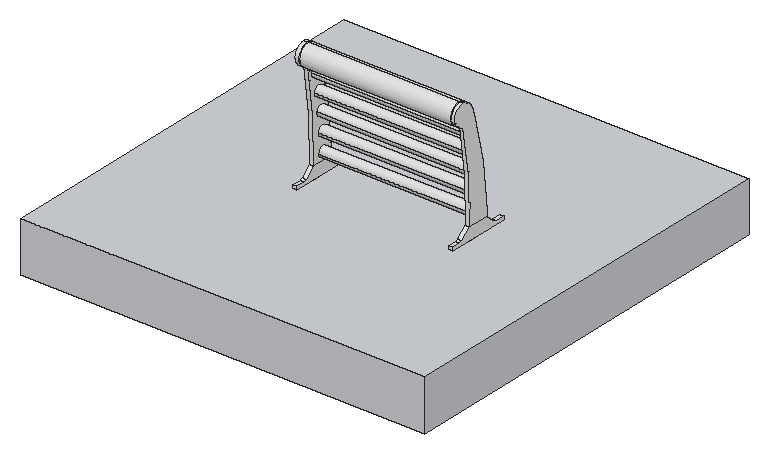
Revit family "Sunshade-Linear-Kawneer-Curtain_Wall-Curved", category Specialty Equipment, host Face, Revit 2015
Parameters
  Width [instance] = 3' - 0"
  URL = "http://www.kawneer.com/kawneer/north_america/en/home.asp"
  Type Comments = ""
  Show Right Outrigger [instance] = yes
  Show Left Outrigger [instance] = yes
  Product data url = "https://bimobject.com/kawneerna/product/04305"
  Product Page URL = "http://www.kawneer.com/kawneer/north_america/en/product.asp?cat_id=1463&prod_id=4305"
  Product Documentation Link = "http://www.kawneer.com/kawneer/north_america/catalog/pdf/Sun_Control/Versoleil_OutriggerCW_Flyer.pdf"
  Model = "Sunshade Linear"  # constant formula
  Manufacturer = "Kawneer "  # constant formula
  Length = 2' - 6"
  Has Same Mullion Distance [instance] = yes
  Has 6th Blade = if(Length = 3' 0", 1 = 1, 1 = 0)  # no
  Finish = Aluminum - Kawneer - Clear
  Distance Blade 5 and 6 = 0' - 0 7/8"  # constant formula
  Distance Blade 4 and 5 = if(Length = 3' 0", 0' 0 5/8", 0' 0 15/16")  # 0' - 0 15/16"
  Distance Blade 3 and 4 = if(Length = 3' 0", 0' 0 5/8", 0' 0 11/16")  # 0' - 0 11/16"
  Distance Blade 2 and 3 = if(Length = 3' 0", 0' 0 1/8", 0' 0 7/16")  # 0' - 0 7/16"
  Distance Blade 1 and 2 = if(Length = 3' 0", 0' 0", 0' 0 1/8")  # 0' - 0 1/8"
  Description = "Square Outrigger, Rectangle Fascias"
  Default Elevation = 4' - 0"
  Copyright © = "©2012 Kawneer  "  # constant formula
  Mullion Distance [instance] = 4' - 0"
  CTRl Outrigger Count [instance] = if(Outrigger 21 Distance > 0' 0", 23, if(Outrigger 20 Distance > 0' 0", 22, if(Outrigger 19 Distance > 0' 0", 21, if(Outrigger 18 Distance > 0' 0", 20, if(Outrigger 17 Distance > 0' 0", 19, if(Outrigger 16 Distance > 0' 0", 18, if(Outrigger 15 Distance > 0' 0", 17, if(Outrigger 14 Distance > 0' 0", 16, if(Outrigger 13 Distance > 0' 0", 15, if(Outrigger 12 Distance > 0' 0", 14, if(Outrigger 11 Distance > 0' 0", 13, if(Outrigger 10 Distance > 0' 0", 12, if(Outrigger 09 Distance > 0' 0", 11, if(Outrigger 08 Distance > 0' 0", 10, if(Outrigger 07 Distance > 0' 0", 9, if(Outrigger 06 Distance > 0' 0", 8, if(Outrigger 05 Distance > 0' 0", 7, if(Outrigger 04 Distance > 0' 0", 6, if(Outrigger 03 Distance > 0' 0", 5, if(Outrigger 02 Distance > 0' 0", 4, if(Outrigger 01 Distance > 0' 0", 3, (Width / Mullion Distance) + 1)))))))))))))))))))))  # 3
  CTRL Outrigger 21 Distance [instance] = if(Outrigger Count < 23, 0' 0", if(Has Same Mullion Distance, Mullion Distance, if(Outrigger 21 Distance > 5' 0", 5' 0", Outrigger 21 Distance)))  # 0' - 0"
  CTRL Outrigger 20 Distance [instance] = if(Outrigger Count < 22, 0' 0", if(Has Same Mullion Distance, Mullion Distance, if(Outrigger 20 Distance > 5' 0", 5' 0", Outrigger 20 Distance)))  # 0' - 0"
  CTRL Outrigger 19 Distance [instance] = if(Outrigger Count < 21, 0' 0", if(Has Same Mullion Distance, Mullion Distance, if(Outrigger 19 Distance > 5' 0", 5' 0", Outrigger 19 Distance)))  # 0' - 0"
  CTRL Outrigger 18 Distance [instance] = if(Outrigger Count < 20, 0' 0", if(Has Same Mullion Distance, Mullion Distance, if(Outrigger 18 Distance > 5' 0", 5' 0", Outrigger 18 Distance)))  # 0' - 0"
  CTRL Outrigger 17 Distance [instance] = if(Outrigger Count < 19, 0' 0", if(Has Same Mullion Distance, Mullion Distance, if(Outrigger 17 Distance > 5' 0", 5' 0", Outrigger 17 Distance)))  # 0' - 0"
  CTRL Outrigger 16 Distance [instance] = if(Outrigger Count < 18, 0' 0", if(Has Same Mullion Distance, Mullion Distance, if(Outrigger 16 Distance > 5' 0", 5' 0", Outrigger 16 Distance)))  # 0' - 0"
  CTRL Outrigger 15 Distance [instance] = if(Outrigger Count < 17, 0' 0", if(Has Same Mullion Distance, Mullion Distance, if(Outrigger 15 Distance > 5' 0", 5' 0", Outrigger 15 Distance)))  # 0' - 0"
  CTRL Outrigger 14 Distance [instance] = if(Outrigger Count < 16, 0' 0", if(Has Same Mullion Distance, Mullion Distance, if(Outrigger 14 Distance > 5' 0", 5' 0", Outrigger 14 Distance)))  # 0' - 0"
  CTRL Outrigger 13 Distance [instance] = if(Outrigger Count < 15, 0' 0", if(Has Same Mullion Distance, Mullion Distance, if(Outrigger 13 Distance > 5' 0", 5' 0", Outrigger 13 Distance)))  # 0' - 0"
  CTRL Outrigger 12 Distance [instance] = if(Outrigger Count < 14, 0' 0", if(Has Same Mullion Distance, Mullion Distance, if(Outrigger 12 Distance > 5' 0", 5' 0", Outrigger 12 Distance)))  # 0' - 0"
  CTRL Outrigger 11 Distance [instance] = if(Outrigger Count < 13, 0' 0", if(Has Same Mullion Distance, Mullion Distance, if(Outrigger 11 Distance > 5' 0", 5' 0", Outrigger 11 Distance)))  # 0' - 0"
  CTRL Outrigger 10 Distance [instance] = if(Outrigger Count < 12, 0' 0", if(Has Same Mullion Distance, Mullion Distance, if(Outrigger 10 Distance > 5' 0", 5' 0", Outrigger 10 Distance)))  # 0' - 0"
  CTRL Outrigger 09 Distance [instance] = if(Outrigger Count < 11, 0' 0", if(Has Same Mullion Distance, Mullion Distance, if(Outrigger 09 Distance > 5' 0", 5' 0", Outrigger 09 Distance)))  # 0' - 0"
  CTRL Outrigger 08 Distance [instance] = if(Outrigger Count < 10, 0' 0", if(Has Same Mullion Distance, Mullion Distance, if(Outrigger 08 Distance > 5' 0", 5' 0", Outrigger 08 Distance)))  # 0' - 0"
  CTRL Outrigger 07 Distance [instance] = if(Outrigger Count < 9, 0' 0", if(Has Same Mullion Distance, Mullion Distance, if(Outrigger 07 Distance > 5' 0", 5' 0", Outrigger 07 Distance)))  # 0' - 0"
  CTRL Outrigger 06 Distance [instance] = if(Outrigger Count < 8, 0' 0", if(Has Same Mullion Distance, Mullion Distance, if(Outrigger 06 Distance > 5' 0", 5' 0", Outrigger 06 Distance)))  # 0' - 0"
  CTRL Outrigger 05 Distance [instance] = if(Outrigger Count < 7, 0' 0", if(Has Same Mullion Distance, Mullion Distance, if(Outrigger 05 Distance > 5' 0", 5' 0", Outrigger 05 Distance)))  # 0' - 0"
  CTRL Outrigger 04 Distance [instance] = if(Outrigger Count < 6, 0' 0", if(Has Same Mullion Distance, Mullion Distance, if(Outrigger 04 Distance > 5' 0", 5' 0", Outrigger 04 Distance)))  # 0' - 0"
  CTRL Outrigger 03 Distance [instance] = if(Outrigger Count < 5, 0' 0", if(Has Same Mullion Distance, Mullion Distance, if(Outrigger 03 Distance > 5' 0", 5' 0", Outrigger 03 Distance)))  # 0' - 0"
  CTRL Outrigger 02 Distance [instance] = if(Outrigger Count < 4, 0' 0", if(Has Same Mullion Distance, Mullion Distance, if(Outrigger 02 Distance > 5' 0", 5' 0", Outrigger 02 Distance)))  # 0' - 0"
  CTRL Outrigger 01 Distance [instance] = if(Outrigger Count < 3, 0' 0", if(Has Same Mullion Distance, Mullion Distance, if(Outrigger 01 Distance > 5' 0", 5' 0", Outrigger 01 Distance)))  # 0' - 0"
  CTRL Length = if(Length < 2' 6", 2' 6", if(Length = 2' 6", 2' 6", if(Length < 3' 0", 3' 0", if(Length = 3' 0", 3' 0", 2' 6"))))  # 2' - 6"
  Bottom Inset Distance = if(Length = 3' 0", 0' 5 3/4", 0' 5")  # 0' - 5"
  Blades Distance = 0' - 4 1/2"
  CTRL Middle Blade Visibility [instance] = if(Outrigger Count = 2, 1 = 0, 1 = 1)  # no
  Outrigger Count [instance] = if(Has Same Mullion Distance, (Width / Mullion Distance) + 1, CTRl Outrigger Count)  # 2
  Outrigger 21 Distance [instance] = 0' - 0"
  Outrigger 20 Distance [instance] = 0' - 0"
  Outrigger 19 Distance [instance] = 0' - 0"
  Outrigger 18 Distance [instance] = 0' - 0"
  Outrigger 17 Distance [instance] = 0' - 0"
  Outrigger 16 Distance [instance] = 0' - 0"
  Outrigger 15 Distance [instance] = 0' - 0"
  Outrigger 14 Distance [instance] = 0' - 0"
  Outrigger 13 Distance [instance] = 0' - 0"
  Outrigger 12 Distance [instance] = 0' - 0"
  Outrigger 11 Distance [instance] = 0' - 0"
  Outrigger 10 Distance [instance] = 0' - 0"
  Outrigger 09 Distance [instance] = 0' - 0"
  Outrigger 08 Distance [instance] = 0' - 0"
  Outrigger 07 Distance [instance] = 0' - 0"
  Outrigger 06 Distance [instance] = 0' - 0"
  Outrigger 05 Distance [instance] = 0' - 0"
  Outrigger 04 Distance [instance] = 0' - 0"
  Outrigger 03 Distance [instance] = 0' - 0"
  Outrigger 02 Distance [instance] = 0' - 0"
  Outrigger 01 Distance [instance] = 1' - 6"
  Blade Width [instance] = if(1 = 1, Width, 1' 0")  # 3' - 0"
  Blade Type = Blade-Kawneer-Circular : Versoleil
  Blade Count = 5
Reference planes (in)
  plane 1 "Center (Front/Back)": y = 0
  plane 2: z = -0.78125
  plane 3 "Center (Left/Right)": x = 3.30772
  plane 4 "Bracket Bottom": z = -0.78125
  plane 5 "Arm_Center-(T/B)": z = 1.29456
  plane 6 "Left": x = -14.69228
  plane 7 "Right": x = 21.30772
  plane 8 "Bracket_Center-(L/R)-Left": x = -15.16103
  plane 9 "Bracket_Center-(L/R)-Right": x = 21.77647
  plane 10 "Bracket Set 1": x = -15.16103
  plane 11 "Bracket Set 20": x = -15.16103
  plane 12 "Bracket Set 2": x = -15.16103
  plane 13 "Bracket Set 3": x = -15.16103
  plane 14 "Bracket Set 4": x = -15.16103
  plane 15 "Bracket Set 5": x = -15.16103
  plane 16 "Bracket Set 6": x = -15.16103
  plane 17 "Bracket Set 7": x = -15.16103
  plane 18 "Bracket Set 8": x = -15.16103
  plane 19 "Bracket Set 9": x = -15.16103
  plane 20 "Bracket Set 10": x = -15.16103
  plane 21 "Bracket Set 11": x = -15.16103
  plane 22 "Bracket Set 12": x = -15.16103
  plane 23 "Bracket Set 13": x = -15.16103
  plane 24 "Bracket Set 14": x = -15.16103
  plane 25 "Bracket Set 15": x = -15.16103
  plane 26 "Bracket Set 16": x = -15.16103
  plane 27 "Bracket Set 17": x = -15.16103
  plane 28 "Bracket Set 18": x = -15.16103
  plane 29 "Bracket Set 19": x = -15.16103
  plane 30 "Bracket Set 21": x = -15.16103
  plane 31 "Left of Right Outrigger": x = 21.30772
  plane 32 "Right of Right Outrigger": x = 22.24522
  plane 33 "Left of Left Outrigger": x = -15.62978
  plane 34 "Right of Left Outrigger": x = -14.69228
  plane 35 "Blade 1": z = 4.21875
  plane 36 "Top": z = 29.21875
  plane 37 "Back of Fascia": z = 26.72172
  plane 38 "Center of Fascias": y = -4.375
  plane 39 "Center Left / Right Blade 2": y = -0.125
  plane 40 "Center Left / Right Blade 3": y = -0.5625
  plane 41 "Center Left / Right Blade 4": y = -1.25
  plane 42 "Center Left / Right Blade 5": y = -2.1875
  plane 43 "Center Left / Right Blade 6": y = -3.0625
  plane 44 "Center Front/Back Blade 2": z = 8.71875
  plane 45 "Center Front/Back Blade 3": z = 13.21875
  plane 46 "Center Front/Back Blade 4": z = 17.71875
  plane 47 "Center Front/Back Blade 5": z = 22.21875
  plane 48 "Center Front/Back Blade 6": z = 26.71875
Forms (in)
  Extrusion 1, solid
    sketch origin (0, 0, -0.78125) x (1, 0, 0) y (0, 1, 0)
      loop
        line (-48, 48) -> (-48, -48) -> (48, -48) -> (48, 48) -> (-48, 48)
    from 0 to -12
Dimensions and locks (in)
  locked: plane 5 "Arm_Center-(T/B)" to plane 4 "Bracket Bottom" at 2.07581
  locked: plane 4 "Bracket Bottom" to plane 2 at 0
  "CTRL Outrigger 01 Distance": plane 8 "Bracket_Center-(L/R)-Left" to plane 10 "Bracket Set 1"
  "CTRL Outrigger 02 Distance": plane 10 "Bracket Set 1" to plane 12 "Bracket Set 2"
  "CTRL Outrigger 03 Distance": plane 12 "Bracket Set 2" to plane 13 "Bracket Set 3"
  "CTRL Outrigger 04 Distance": plane 13 "Bracket Set 3" to plane 14 "Bracket Set 4"
  "CTRL Outrigger 05 Distance": plane 14 "Bracket Set 4" to plane 15 "Bracket Set 5"
  "CTRL Outrigger 06 Distance": plane 15 "Bracket Set 5" to plane 16 "Bracket Set 6"
  "CTRL Outrigger 07 Distance": plane 16 "Bracket Set 6" to plane 17 "Bracket Set 7"
  "CTRL Outrigger 08 Distance": plane 17 "Bracket Set 7" to plane 18 "Bracket Set 8"
  "CTRL Outrigger 09 Distance": plane 18 "Bracket Set 8" to plane 19 "Bracket Set 9"
  "CTRL Outrigger 10 Distance": plane 19 "Bracket Set 9" to plane 20 "Bracket Set 10"
  "CTRL Outrigger 11 Distance": plane 20 "Bracket Set 10" to plane 21 "Bracket Set 11"
  "CTRL Outrigger 12 Distance": plane 21 "Bracket Set 11" to plane 22 "Bracket Set 12"
  "CTRL Outrigger 13 Distance": plane 22 "Bracket Set 12" to plane 23 "Bracket Set 13"
  "CTRL Outrigger 14 Distance": plane 23 "Bracket Set 13" to plane 24 "Bracket Set 14"
  "CTRL Outrigger 15 Distance": plane 24 "Bracket Set 14" to plane 25 "Bracket Set 15"
  "CTRL Outrigger 16 Distance": plane 25 "Bracket Set 15" to plane 26 "Bracket Set 16"
  "CTRL Outrigger 17 Distance": plane 26 "Bracket Set 16" to plane 27 "Bracket Set 17"
  "CTRL Outrigger 18 Distance": plane 27 "Bracket Set 17" to plane 28 "Bracket Set 18"
  "CTRL Outrigger 19 Distance": plane 28 "Bracket Set 18" to plane 29 "Bracket Set 19"
  "CTRL Outrigger 20 Distance": plane 29 "Bracket Set 19" to plane 11 "Bracket Set 20"
  "CTRL Outrigger 21 Distance": plane 11 "Bracket Set 20" to plane 30 "Bracket Set 21"
  locked: plane 32 "Right of Right Outrigger" to plane 31 "Left of Right Outrigger" at 0.9375
  locked: plane 33 "Left of Left Outrigger" to plane 34 "Right of Left Outrigger" at 0.9375
  equal spacing: plane 6 "Left", plane 3 "Center (Left/Right)", plane 7 "Right"
  "Width": plane 6 "Left" to plane 7 "Right"
  locked: plane 7 "Right" to plane 9 "Bracket_Center-(L/R)-Right" at 0.46875
  locked: plane 8 "Bracket_Center-(L/R)-Left" to plane 6 "Left" at 0.46875
  "Bottom Inset Distance": plane 35 "Blade 1" to plane 4 "Bracket Bottom"
  "Length": plane 36 "Top" to plane 4 "Bracket Bottom"
  locked: plane 36 "Top" to plane 37 "Back of Fascia" at 2.49703
  "Blades Distance": plane 44 "Center Front/Back Blade 2" to plane 35 "Blade 1"
  "Blades Distance": plane 45 "Center Front/Back Blade 3" to plane 44 "Center Front/Back Blade 2"
  "Blades Distance": plane 46 "Center Front/Back Blade 4" to plane 45 "Center Front/Back Blade 3"
  "Blades Distance": plane 47 "Center Front/Back Blade 5" to plane 46 "Center Front/Back Blade 4"
  "Blades Distance": plane 48 "Center Front/Back Blade 6" to plane 47 "Center Front/Back Blade 5"
  "Distance Blade 1 and 2": plane 39 "Center Left / Right Blade 2" to plane 1 "Center (Front/Back)"
  "Distance Blade 2 and 3": plane 40 "Center Left / Right Blade 3" to plane 39 "Center Left / Right Blade 2"
  "Distance Blade 3 and 4": plane 41 "Center Left / Right Blade 4" to plane 40 "Center Left / Right Blade 3"
  "Distance Blade 4 and 5": plane 42 "Center Left / Right Blade 5" to plane 41 "Center Left / Right Blade 4"
  "Distance Blade 5 and 6": plane 43 "Center Left / Right Blade 6" to plane 42 "Center Left / Right Blade 5"
  aligned and locked: plane 2 to Extrusion 1
  aligned and locked: level to Extrusion 1
  aligned and locked: plane 4 "Bracket Bottom" to nested 1
  aligned and locked: plane 1 "Center (Front/Back)" to nested 1
  aligned and locked: nested 1 to plane 8 "Bracket_Center-(L/R)-Left"
  aligned and locked: plane 9 "Bracket_Center-(L/R)-Right" to nested 2
  aligned and locked: plane 1 "Center (Front/Back)" to nested 2
  aligned and locked: plane 4 "Bracket Bottom" to nested 2
  aligned and locked: nested 3 to plane 10 "Bracket Set 1"
  aligned and locked: nested 4 to plane 12 "Bracket Set 2"
  aligned and locked: nested 5 to plane 13 "Bracket Set 3"
  aligned and locked: nested 6 to plane 14 "Bracket Set 4"
  aligned and locked: nested 7 to plane 15 "Bracket Set 5"
  aligned and locked: nested 8 to plane 16 "Bracket Set 6"
  aligned and locked: nested 9 to plane 17 "Bracket Set 7"
  aligned and locked: nested 10 to plane 18 "Bracket Set 8"
  aligned and locked: nested 11 to plane 19 "Bracket Set 9"
  aligned and locked: nested 12 to plane 20 "Bracket Set 10"
  aligned and locked: nested 13 to plane 21 "Bracket Set 11"
  aligned and locked: nested 14 to plane 22 "Bracket Set 12"
  aligned and locked: nested 15 to plane 23 "Bracket Set 13"
  aligned and locked: nested 16 to plane 24 "Bracket Set 14"
  aligned and locked: nested 17 to plane 25 "Bracket Set 15"
  aligned and locked: nested 18 to plane 26 "Bracket Set 16"
  aligned and locked: nested 19 to plane 27 "Bracket Set 17"
  aligned and locked: nested 20 to plane 28 "Bracket Set 18"
  aligned and locked: nested 21 to plane 29 "Bracket Set 19"
  aligned and locked: nested 22 to plane 11 "Bracket Set 20"
  aligned and locked: plane 4 "Bracket Bottom" to nested 3
  aligned and locked: plane 4 "Bracket Bottom" to nested 4
  aligned and locked: plane 4 "Bracket Bottom" to nested 5
  aligned and locked: plane 4 "Bracket Bottom" to nested 6
  aligned and locked: plane 4 "Bracket Bottom" to nested 7
  aligned and locked: plane 4 "Bracket Bottom" to nested 8
  aligned and locked: plane 4 "Bracket Bottom" to nested 9
  aligned and locked: plane 4 "Bracket Bottom" to nested 10
  aligned and locked: plane 4 "Bracket Bottom" to nested 11
  aligned and locked: plane 4 "Bracket Bottom" to nested 12
  aligned and locked: plane 4 "Bracket Bottom" to nested 13
  aligned and locked: plane 4 "Bracket Bottom" to nested 14
  aligned and locked: plane 4 "Bracket Bottom" to nested 15
  aligned and locked: plane 4 "Bracket Bottom" to nested 16
  aligned and locked: plane 4 "Bracket Bottom" to nested 17
  aligned and locked: plane 4 "Bracket Bottom" to nested 18
  aligned and locked: plane 4 "Bracket Bottom" to nested 19
  aligned and locked: plane 4 "Bracket Bottom" to nested 20
  aligned and locked: plane 4 "Bracket Bottom" to nested 21
  aligned and locked: plane 4 "Bracket Bottom" to nested 22
  aligned and locked: nested 23 to plane 30 "Bracket Set 21"
  aligned and locked: plane 1 "Center (Front/Back)" to nested 23
  aligned and locked: plane 1 "Center (Front/Back)" to nested 22
  aligned and locked: plane 1 "Center (Front/Back)" to nested 21
  aligned and locked: plane 1 "Center (Front/Back)" to nested 20
  aligned and locked: plane 1 "Center (Front/Back)" to nested 19
  aligned and locked: plane 1 "Center (Front/Back)" to nested 18
  aligned and locked: plane 1 "Center (Front/Back)" to nested 17
  aligned and locked: plane 1 "Center (Front/Back)" to nested 16
  aligned and locked: plane 1 "Center (Front/Back)" to nested 15
  aligned and locked: plane 1 "Center (Front/Back)" to nested 14
  aligned and locked: plane 7 "Right" to plane 31 "Left of Right Outrigger"
  aligned and locked: plane 34 "Right of Left Outrigger" to nested 1
  aligned and locked: plane 6 "Left" to plane 34 "Right of Left Outrigger"
  aligned and locked: plane 35 "Blade 1" to nested 24
  aligned and locked: plane 1 "Center (Front/Back)" to nested 24
  aligned and locked: plane 1 "Center (Front/Back)" to nested 13
  aligned and locked: plane 6 "Left" to nested 25
  aligned: plane 1 "Center (Front/Back)" to nested 25
  aligned and locked: plane 36 "Top" to nested 2
  aligned: plane 37 "Back of Fascia" to nested 25
  aligned and locked: plane 34 "Right of Left Outrigger" to nested 24  (x2)
  aligned and locked: plane 38 "Center of Fascias" to nested 25
  aligned and locked: plane 31 "Left of Right Outrigger" to nested 24
  aligned and locked: plane 34 "Right of Left Outrigger" to nested 25
  aligned and locked: plane 31 "Left of Right Outrigger" to nested 25
  aligned and locked: plane 39 "Center Left / Right Blade 2" to nested 26
  aligned and locked: plane 44 "Center Front/Back Blade 2" to nested 26
  aligned and locked: plane 45 "Center Front/Back Blade 3" to nested 27
  aligned and locked: plane 40 "Center Left / Right Blade 3" to nested 27
  aligned and locked: plane 46 "Center Front/Back Blade 4" to nested 28
  aligned and locked: plane 41 "Center Left / Right Blade 4" to nested 28
  aligned and locked: plane 47 "Center Front/Back Blade 5" to nested 29
  aligned and locked: plane 42 "Center Left / Right Blade 5" to nested 29
  aligned and locked: plane 48 "Center Front/Back Blade 6" to nested 30
  aligned and locked: plane 43 "Center Left / Right Blade 6" to nested 30
  aligned and locked: plane 36 "Top" to nested 25
Automatic sketch dimensions
  Extrusion 1 sketch curve to Extrusion 1 sketch curve = 8' - 0"  (x2)
Nested families (in)
  nested 1: "Outrigger-Kawneer-Curved" at (-15.16103, 0, -0.78125), visible <- "Show Left Outrigger", type "5""
    with Length 2' - 6"
  nested 2: "Outrigger-Kawneer-Curved" at (21.77647, 0, -0.78125), visible <- "Show Right Outrigger", type "5""
    with Length 2' - 6"
  nested 3: "Outrigger-Kawneer-Curved" at (-15.16103, 0, -0.78125), visible <- "CTRL Middle Blade Visibility", type "5""
    with Length 2' - 6"
  nested 4: "Outrigger-Kawneer-Curved" at (-15.16103, 0, -0.78125), visible <- "CTRL Middle Blade Visibility", type "5""
    with Length 2' - 6"
  nested 5: "Outrigger-Kawneer-Curved" at (-15.16103, 0, -0.78125), visible <- "CTRL Middle Blade Visibility", type "5""
    with Length 2' - 6"
  nested 6: "Outrigger-Kawneer-Curved" at (-15.16103, 0, -0.78125), visible <- "CTRL Middle Blade Visibility", type "5""
    with Length 2' - 6"
  nested 7: "Outrigger-Kawneer-Curved" at (-15.16103, 0, -0.78125), visible <- "CTRL Middle Blade Visibility", type "5""
    with Length 2' - 6"
  nested 8: "Outrigger-Kawneer-Curved" at (-15.16103, 0, -0.78125), visible <- "CTRL Middle Blade Visibility", type "5""
    with Length 2' - 6"
  nested 9: "Outrigger-Kawneer-Curved" at (-15.16103, 0, -0.78125), visible <- "CTRL Middle Blade Visibility", type "5""
    with Length 2' - 6"
  nested 10: "Outrigger-Kawneer-Curved" at (-15.16103, 0, -0.78125), visible <- "CTRL Middle Blade Visibility", type "5""
    with Length 2' - 6"
  nested 11: "Outrigger-Kawneer-Curved" at (-15.16103, 0, -0.78125), visible <- "CTRL Middle Blade Visibility", type "5""
    with Length 2' - 6"
  nested 12: "Outrigger-Kawneer-Curved" at (-15.16103, 0, -0.78125), visible <- "CTRL Middle Blade Visibility", type "5""
    with Length 2' - 6"
  nested 13: "Outrigger-Kawneer-Curved" at (-15.16103, 0, -0.78125), visible <- "CTRL Middle Blade Visibility", type "5""
    with Length 2' - 6"
  nested 14: "Outrigger-Kawneer-Curved" at (-15.16103, 0, -0.78125), visible <- "CTRL Middle Blade Visibility", type "5""
    with Length 2' - 6"
  nested 15: "Outrigger-Kawneer-Curved" at (-15.16103, 0, -0.78125), visible <- "CTRL Middle Blade Visibility", type "5""
    with Length 2' - 6"
  nested 16: "Outrigger-Kawneer-Curved" at (-15.16103, 0, -0.78125), visible <- "CTRL Middle Blade Visibility", type "5""
    with Length 2' - 6"
  nested 17: "Outrigger-Kawneer-Curved" at (-15.16103, 0, -0.78125), visible <- "CTRL Middle Blade Visibility", type "5""
    with Length 2' - 6"
  nested 18: "Outrigger-Kawneer-Curved" at (-15.16103, 0, -0.78125), visible <- "CTRL Middle Blade Visibility", type "5""
    with Length 2' - 6"
  nested 19: "Outrigger-Kawneer-Curved" at (-15.16103, 0, -0.78125), visible <- "CTRL Middle Blade Visibility", type "5""
    with Length 2' - 6"
  nested 20: "Outrigger-Kawneer-Curved" at (-15.16103, 0, -0.78125), visible <- "CTRL Middle Blade Visibility", type "5""
    with Length 2' - 6"
  nested 21: "Outrigger-Kawneer-Curved" at (-15.16103, 0, -0.78125), visible <- "CTRL Middle Blade Visibility", type "5""
    with Length 2' - 6"
  nested 22: "Outrigger-Kawneer-Curved" at (-15.16103, 0, -0.78125), visible <- "CTRL Middle Blade Visibility", type "5""
    with Length 2' - 6"
  nested 23: "Outrigger-Kawneer-Curved" at (-15.16103, 0, -0.78125), visible <- "CTRL Middle Blade Visibility", type "5""
    with Length 2' - 6"
  nested 24: "Blade-Kawneer-Circular" at (3.30772, 0, 2.94531), Blade Materials <- "Finish", CTRL Width <- "Width", type <- "Blade Type", type "Versoleil"
    with CTRL Width 3' - 0", Blade Materials Aluminum - Kawneer - Clear
  nested 25: "Fascia-Kawneer-Circular" at (3.30772, -4.375, 24.23437), Fascias Materials <- "Finish", CTRL Width <- "Width", type "Versoleil"
    with Fascias Materials Aluminum - Kawneer - Clear, CTRL Width 3' - 0"
  nested 26: "Blade-Kawneer-Circular" at (3.30772, -0.125, 7.44531), Blade Materials <- "Finish", CTRL Width <- "Width", type <- "Blade Type", type "Versoleil"
    with CTRL Width 3' - 0", Blade Materials Aluminum - Kawneer - Clear
  nested 27: "Blade-Kawneer-Circular" at (3.30772, -0.5625, 11.94531), Blade Materials <- "Finish", CTRL Width <- "Width", type <- "Blade Type", type "Versoleil"
    with CTRL Width 3' - 0", Blade Materials Aluminum - Kawneer - Clear
  nested 28: "Blade-Kawneer-Circular" at (3.30772, -1.25, 16.44531), Blade Materials <- "Finish", CTRL Width <- "Width", type <- "Blade Type", type "Versoleil"
    with CTRL Width 3' - 0", Blade Materials Aluminum - Kawneer - Clear
  nested 29: "Blade-Kawneer-Circular" at (3.30772, -2.1875, 20.94531), Blade Materials <- "Finish", CTRL Width <- "Width", type <- "Blade Type", type "Versoleil"
    with CTRL Width 3' - 0", Blade Materials Aluminum - Kawneer - Clear
  nested 30: "Blade-Kawneer-Circular" at (3.30772, -3.0625, 25.44531), Blade Materials <- "Finish", CTRL Width <- "Width", visible <- "Has 6th Blade", type <- "Blade Type", type "Versoleil"
    with CTRL Width 3' - 0", Blade Materials Aluminum - Kawneer - Clear
Definition of nested family "Outrigger-Kawneer-Curved"
  Parameters
    Outrigger Thickness = 0' - 5"
    Length = 3' - 0"
    CTRL Width = 0' - 0 15/16"
    Outrigger Materials = none
  Reference planes (in)
    plane 1 "Center (Front/Back)": y = 0
    plane 2 "Original Bottom": z = 0
    plane 3 "Center (Left/Right)": x = 0
    plane 4 "Left": x = -0.46875
    plane 5 "Right": x = 0.46875
    plane 6 "Front": y = -2.5
    plane 7 "Back": y = 2.5
    plane 8 "Top": z = 36
    plane 9 "Bottom": z = 0
    plane 10 "Top of Braket": z = 2.9
    plane 11 "Right of Braket": y = 7.53105
    plane 12 "Left of Bracket": y = -7.53105
    plane 13 "Right of Left Bracket": x = -0.21875
    plane 14 "Left of Right Bracket": x = 0.21875
    plane 15 "CTRL Height": z = 8.5
    plane 16 "Center of Fascia": y = -4.375
  Forms (in)
    Sweep 1, solid, material <- "Outrigger Materials"
      path origin (10, 0, -1.71121) x (1, 0, 0) y (0, 0, 1)
        loop
          line (-9.53125, 8.91333) -> (-10.46875, 8.91333)
      profile origin (0, 0, 7.20212) x (0, 0, -1) y (0, -1, 0)
        loop
          line (7.20212, -0.05425) -> (7.20212, 2.5) -> (-1.29788, 2.5)
          arc (-1.29788, 2.5) -> (-12.55697, 3.04616) -> (-23.75071, 4.375) r 161.78399
          line (-23.75071, 4.375) -> (-23.79788, 4.375)
          arc (-23.79788, 4.375) -> (-26.29788, 6.875) -> (-28.79788, 4.375) r 2.5
          arc (-28.79788, 4.375) -> (-28.29896, 2.87644) -> (-27.00132, 1.97601) r 2.5
          arc (-27.00132, 1.97601) -> (-26.11682, 1.70106) -> (-25.24166, 1.39769) r 28.67634
          arc (-25.24166, 1.39769) -> (-14.07095, -1.51848) -> (-2.56768, -2.5) r 67.89933
          line (-2.56768, -2.5) -> (7.20212, -2.5) -> (7.20212, -0.05425)
    Sweep 2, solid, material <- "Outrigger Materials", detail levels fine
      path origin (0, 0, -1.03601) x (1, 0, 0) y (0, 0, 1)
        loop
          line (0.46875, 36.5) -> (-0.46875, 36.5)
      profile origin (0, 0, 35.46399) x (0, 0, -1) y (0, -1, 0)
        loop
          line (32.56399, 2.43915) -> (32.56399, -2.50126) -> (34.48003, -4.78471)
          arc (34.48003, -4.78471) -> (34.65368, -5.08548) -> (34.71399, -5.4275) r 1
          line (34.71399, -5.4275) -> (34.71399, -7.53105) -> (35.46399, -7.53105) -> (35.46399, 7.46895) -> (34.71399, 7.46895) -> (34.71399, 5.3654)
          arc (34.71399, 5.3654) -> (34.65368, 5.02338) -> (34.48003, 4.72261) r 1
          line (34.48003, 4.72261) -> (32.56399, 2.43915)
  Lines and regions (in)
    Masking region 1
      outline origin (0, 0, 0) x (0, 1, 0) y (0, 0, 1)
        loop
          arc (-4.375, 36) -> (-6.875, 33.5) -> (-4.375, 31) r 2.5
          line (-4.375, 31) -> (-4.375, 30.95283)
          arc (-4.375, 30.95283) -> (-2.87768, 17.56112) -> (-2.5, 4.09126) r 161.78399
          line (-2.5, 4.09126) -> (-2.5, 0) -> (2.5, 0) -> (2.5, 9.7698)
          arc (2.5, 9.7698) -> (1.48626, 21.45896) -> (-1.52468, 32.79908) r 67.89933
          arc (-1.52468, 32.79908) -> (-1.75937, 33.49836) -> (-1.97601, 34.20344) r 28.67634
          arc (-1.97601, 34.20344) -> (-2.87644, 35.50108) -> (-4.375, 36) r 2.5
    Masking region 2
      outline origin (0, -7.53105, 0) x (-1, 0, 0) y (0, 0, 1)
        loop
          line (-0.46875, 36) -> (-0.46875, 0) -> (0.46875, 0) -> (0.46875, 36) -> (-0.46875, 36)
    symbolic lines, detail levels fine
      curve 1: line (0.46875, 2.50126, 2.9) -> (0.46875, -2.43915, 2.9)
      curve 12: line (-0.46875, 2.50126, 2.9) -> (-0.46875, -2.43915, 2.9)
      curve 29: line (-0.21875, 2.5, 36) -> (-0.21875, 2.5, 0)
      curve 30: line (0.21875, 2.5, 36) -> (0.21875, 2.5, 0)
      curve 31: line (0.21875, 2.5, 36) -> (0.21875, 2.5, 0)
      curve 32: line (0.46875, 2.5, 2.9) -> (-0.46875, 2.5, 2.9)
      curve 33: line (0.46875, 2.5, 0) -> (0.46875, 2.5, 2.9)
      curve 34: line (-0.46875, 2.5, 0) -> (0.46875, 2.5, 0)
      curve 35: line (-0.46875, 2.5, 2.9) -> (-0.46875, 2.5, 0)
    symbolic lines, detail levels medium+fine
      curve 2: line (0.46875, -2.43915, 2.9) -> (0.46875, -4.72261, 0.98396)
      curve 3: arc (0.46875, -4.72261, 0.98396) -> (0.46875, -5.02338, 0.81031) -> (0.46875, -5.3654, 0.75) r 1
      curve 4: line (0.46875, -5.3654, 0.75) -> (0.46875, -7.46895, 0.75)
      curve 5: line (0.46875, -7.46895, 0.75) -> (0.46875, -7.46895, 0)
      curve 7: line (0.46875, 7.53105, 0) -> (0.46875, 7.53105, 0.95349)
      curve 8: line (0.46875, 7.53105, 0.95349) -> (0.46875, 5.4275, 0.95349)
      curve 9: arc (0.46875, 5.4275, 0.95349) -> (0.46875, 5.10574, 0.96111) -> (0.46875, 4.78471, 0.98396) r 6.79651
      curve 10: line (0.46875, 4.78471, 0.98396) -> (0.46875, 2.50126, 2.9)
      curve 11: line (-0.46875, 4.78471, 0.98396) -> (-0.46875, 2.50126, 2.9)
      curve 13: line (-0.46875, -2.43915, 2.9) -> (-0.46875, -4.72261, 0.98396)
      curve 14: arc (-0.46875, -4.72261, 0.98396) -> (-0.46875, -5.02338, 0.81031) -> (-0.46875, -5.3654, 0.75) r 1
      curve 15: line (-0.46875, -5.3654, 0.75) -> (-0.46875, -7.46895, 0.75)
      curve 16: line (-0.46875, -7.46895, 0.75) -> (-0.46875, -7.46895, 0)
      curve 18: line (-0.46875, 7.53105, 0) -> (-0.46875, 7.53105, 0.95349)
      curve 19: line (-0.46875, 7.53105, 0.95349) -> (-0.46875, 5.4275, 0.95349)
      curve 20: arc (-0.46875, 5.4275, 0.95349) -> (-0.46875, 5.10574, 0.96111) -> (-0.46875, 4.78471, 0.98396) r 6.79651
    symbolic lines
      curve 6: line (0.46875, -7.46895, 0) -> (0.46875, 7.53105, 0)
      curve 17: line (-0.46875, -7.46895, 0) -> (-0.46875, 7.53105, 0)
      curve 25: line (0.46875, 2.5, 36) -> (-0.46875, 2.5, 36)
      curve 26: line (0.46875, 2.5, 0) -> (0.46875, 2.5, 36)
      curve 27: line (-0.46875, 2.5, 0) -> (0.46875, 2.5, 0)
      curve 28: line (-0.46875, 2.5, 36) -> (-0.46875, 2.5, 0)
    model lines, detail levels medium
      curve 21: line (0.46875, -7.46895, 0) -> (0.46875, 7.53105, 0)
      curve 22: line (-0.46875, 7.53105, 0) -> (-0.46875, -7.46895, 0)
      curve 23: line (-0.46875, 7.53105, 0) -> (0.46875, 7.53105, 0)
      curve 24: line (-0.46875, -7.53105, 0) -> (0.46875, -7.53105, 0)
    symbolic lines, detail levels medium
      curve 36: line (0, 2.5, 36) -> (0, 2.5, 0)
  Dimensions and locks (in)
    "CTRL Width": plane 4 "Left" to plane 5 "Right"
    equal spacing: plane 4 "Left", plane 3 "Center (Left/Right)", plane 5 "Right"
    equal spacing: plane 6 "Front", plane 1 "Center (Front/Back)", plane 7 "Back"
    locked: plane 10 "Top of Braket" to plane 9 "Bottom" at 2.9
    locked: plane 12 "Left of Bracket" to plane 11 "Right of Braket" at 15.0621
    locked: plane 4 "Left" to plane 13 "Right of Left Bracket" at 0.25
    locked: plane 14 "Left of Right Bracket" to plane 5 "Right" at 0.25
    locked: plane 8 "Top" to plane 15 "CTRL Height" at 27.5
    "Length": plane 8 "Top" to plane 9 "Bottom"
    "Outrigger Thickness": plane 6 "Front" to plane 7 "Back"
    aligned and locked: plane 4 "Left" to Sweep 1 sketch curve
    aligned and locked: plane 5 "Right" to Sweep 1 sketch curve
    aligned: Sweep 1 to plane 2 "Original Bottom"  (x2)
    aligned: plane 8 "Top" to Sweep 1  (x2)
    aligned: plane 6 "Front" to Sweep 1  (x2)
    aligned: plane 7 "Back" to Sweep 1  (x2)
    aligned: plane 9 "Bottom" to plane 2 "Original Bottom"
    aligned: Sweep 1 to plane 9 "Bottom"  (x2)
    aligned and locked: Sweep 1 to plane 7 "Back"
    aligned and locked: Sweep 1 to plane 6 "Front"
    aligned and locked: plane 9 "Bottom" to plane 2 "Original Bottom"
    aligned and locked: plane 5 "Right" to Sweep 2 sketch curve
    aligned and locked: plane 4 "Left" to Sweep 2 sketch curve
    aligned and locked: Sweep 2 to plane 9 "Bottom"
    aligned and locked: plane 11 "Right of Braket" to Sweep 2
    aligned and locked: plane 10 "Top of Braket" to Sweep 2
    aligned and locked: Sweep 1 sketch curve to plane 9 "Bottom"  (x2)
    aligned and locked: plane 16 "Center of Fascia" to Sweep 1 sketch curve  (x2)
    aligned and locked: plane 15 "CTRL Height" to Sweep 1 sketch curve
    aligned and locked: Sweep 1 sketch curve to plane 7 "Back"
    aligned and locked: Sweep 1 sketch curve to plane 6 "Front"
    aligned and locked: plane 8 "Top" to Sweep 1 sketch curve
    aligned and locked: Masking region 1 sketch curve to Sweep 1  (x8)
    aligned and locked: Sweep 1 to Masking region 1 sketch curve
    aligned and locked: curve 12 to curve 1
    aligned and locked: curve 13 to curve 2
    aligned and locked: curve 14 to curve 3
    aligned and locked: curve 17 to curve 6
    aligned and locked: curve 18 to curve 7
    aligned and locked: curve 19 to curve 8
    aligned and locked: curve 20 to curve 9
    aligned and locked: curve 24 to Sweep 2
    aligned and locked: curve 23 to Sweep 2
    aligned and locked: plane 5 "Right" to Masking region 2 sketch curve
    aligned and locked: plane 8 "Top" to Masking region 2 sketch curve
    aligned and locked: Masking region 2 sketch curve to plane 9 "Bottom"
    aligned and locked: plane 4 "Left" to Masking region 2 sketch curve
    aligned and locked: plane 8 "Top" to curve 25
    aligned and locked: plane 5 "Right" to curve 26
    aligned and locked: plane 4 "Left" to curve 28
    aligned and locked: plane 13 "Right of Left Bracket" to curve 29
    aligned and locked: curve 30 to plane 14 "Left of Right Bracket"
    aligned and locked: curve 31 to plane 14 "Left of Right Bracket"
    aligned and locked: plane 10 "Top of Braket" to curve 32
    aligned and locked: curve 34 to plane 9 "Bottom"
    aligned and locked: plane 4 "Left" to curve 35
    aligned and locked: curve 36 to plane 3 "Center (Left/Right)"
  Automatic sketch dimensions
    level to Sweep 1 sketch curve = 0' - 7.20212"
    Sweep 2 sketch curve to plane 8 "Top" = 0' - 0.53601"
    plane 1 "Center (Front/Back)" to Sweep 2 sketch curve = 0' - 2.43915"
    Sweep 2 sketch curve to profile plane = 2' - 8.56399"
    Sweep 2 sketch curve to Sweep 2 sketch curve = 0' - 1.15"
    Sweep 2 sketch curve to Sweep 2 sketch curve = 0' - 0.76604"  (x2)
    Sweep 2 sketch curve to Sweep 2 sketch curve = 0' - 0.23396"  (x2)
    Sweep 2 sketch curve to Sweep 2 sketch curve = 0' - 2.28345"
    Sweep 2 sketch curve to Sweep 2 sketch curve = 0' - 2.10355"  (x2)
    Sweep 2 sketch curve to Sweep 2 sketch curve = 0' - 0 3/4"  (x2)
    Sweep 2 sketch curve to plane 1 "Center (Front/Back)" = 0' - 2.50126"
    Sweep 2 sketch curve to plane 1 "Center (Front/Back)" = 0' - 4.78471"
    Sweep 1 sketch curve to Sweep 1 sketch curve = 0' - 0"  (x3)
    profile plane to Sweep 1 sketch curve = 2' - 11.0702"
    plane 1 "Center (Front/Back)" to Sweep 1 sketch curve = 0' - 1.97601"
    Sweep 1 sketch curve to Sweep 1 sketch curve = 0' - 1.79656"
    plane 1 "Center (Front/Back)" to Sweep 1 sketch curve = 0' - 1.39769"
    Sweep 1 sketch curve to Sweep 1 sketch curve = 0' - 0.04717"
    Sweep 1 sketch curve to profile plane = 0' - 0.90649"
    Sweep 1 sketch curve to plane 1 "Center (Front/Back)" = 0' - 0.05425"
    curve 20 to curve 11 = 0' - 0.64279"
    plane 12 "Left of Bracket" to curve 16 = 0' - 0.0621"
    curve 14 to curve 13 = 0' - 0.23396"
    curve 11 to plane 7 "Back" = 0' - 0.00126"
    curve 23 to plane 5 "Right" = 0' - 0"
    plane 4 "Left" to curve 23 = 0' - 0"
    curve 24 to plane 5 "Right" = 0' - 0"
    plane 4 "Left" to curve 24 = 0' - 0"
    curve 21 to level = 0' - 0"
    curve 21 to plane 11 "Right of Braket" = 0' - 0"
    curve 1 to plane 10 "Top of Braket" = 0' - 0"
    plane 15 "CTRL Height" to curve 9 = 0' - 0 3/4"
    curve 9 to plane 11 "Right of Braket" = 0' - 2.10355"
    curve 10 to level = 0' - 0.98396"
    curve 9 to curve 10 = 0' - 0.64279"
    plane 7 "Back" to curve 1 = 0' - 0.00126"
    curve 2 to plane 6 "Front" = 0' - 0.06085"
    curve 2 to plane 16 "Center of Fascia" = 0' - 0.34761"
    curve 3 to plane 16 "Center of Fascia" = 0' - 0.9904"
    curve 21 to plane 12 "Left of Bracket" = 0' - 0.0621"
    curve 5 to curve 5 = 0' - 0 3/4"
    curve 3 to curve 3 = 0' - 0.23396"
Definition of nested family "Blade-Kawneer-Circular"
  Parameters
    CTRL Width [instance] = 12' - 0"
    Blade Materials [instance] = none
  Reference planes (in)
    plane 1 "Center (Front/Back)": y = 0
    plane 2 "Original Bottom": z = 0
    plane 3 "Center (Left/Right)": x = 0
    plane 4 "Left": x = -72
    plane 5 "Right": x = 72
    plane 6 "Front": y = -1.29687
    plane 7 "Back": y = 1.29687
    plane 8 "Top": z = 2.54688
    plane 9 "Bottom": z = 1.27344
  Forms (in)
    Sweep 1, solid, material <- "Blade Materials", detail levels medium+fine
      path origin (10, 0, -1.63267) x (1, 0, 0) y (0, 0, 1)
        loop
          line (62, 8.91333) -> (-82, 8.91333)
      profile origin (0, 0, 7.28066) x (0, 0, -1) y (0, -1, 0)
        loop
          circle (6.01729, -0.01411) r 1.25
  Lines and regions (in)
    Masking region 1
      outline origin (0, 0, 0) x (0, 1, 0) y (0, 0, 1)
        loop
          circle (0, 1.27344) r 1.26407
    Masking region 2
      outline origin (0, 0, 0) x (1, 0, 0) y (0, 1, 0)
        loop
          line (72, 1.29687) -> (-72, 1.29687) -> (-72, -1.29687) -> (72, -1.29687) -> (72, 1.29687)
    Masking region 3
      outline origin (0, 0, 0) x (1, 0, 0) y (0, 0, 1)
        loop
          line (72, 2.54688) -> (-72, 2.54688) -> (-72, 0) -> (72, 0) -> (72, 2.54688)
    symbolic lines
      curve 1: circle (0, 0, 1.27344) r 1.26407 normal (1, 0, 0)
      curve 2: arc (0, 1.26411, 1.26337) -> (0, 0.01411, 2.51337) -> (0, -1.23589, 1.26337) r 1.25
      curve 3: arc (0, -1.23589, 1.26337) -> (0, 0.01411, 0.01337) -> (0, 1.26411, 1.26337) r 1.25
      curve 6: line (72, 1.29687, 2.54688) -> (-72, 1.29687, 2.54688)
      curve 7: line (72, -1.29687, 2.54688) -> (72, 1.29687, 2.54688)
      curve 8: line (-72, -1.29687, 2.54688) -> (72, -1.29687, 2.54688)
      curve 9: line (-72, 1.29687, 2.54688) -> (-72, -1.29687, 2.54688)
      curve 10: line (72, -1.29687, 2.54688) -> (-72, -1.29687, 2.54688)
      curve 11: line (72, -1.29687, 0) -> (72, -1.29687, 2.54688)
      curve 12: line (-72, -1.29687, 0) -> (72, -1.29687, 0)
      curve 13: line (-72, -1.29687, 2.54688) -> (-72, -1.29687, 0)
    model lines, detail levels coarse
      curve 4: line (-72, 0, 1.27344) -> (72, 0, 1.27344)
    symbolic lines, detail levels coarse
      curve 5: line (-72, 0, 1.27344) -> (72, 0, 1.27344)
  Dimensions and locks (in)
    "CTRL Width": plane 4 "Left" to plane 5 "Right"
    equal spacing: plane 4 "Left", plane 3 "Center (Left/Right)", plane 5 "Right"
    equal spacing: plane 6 "Front", plane 1 "Center (Front/Back)", plane 7 "Back"
    equal spacing: plane 8 "Top", plane 9 "Bottom", plane 2 "Original Bottom"
    aligned and locked: plane 4 "Left" to Sweep 1 sketch curve
    aligned and locked: plane 5 "Right" to Sweep 1 sketch curve
    aligned: Sweep 1 to plane 2 "Original Bottom"
    aligned: plane 8 "Top" to Sweep 1
    aligned: plane 6 "Front" to Sweep 1
    aligned: plane 7 "Back" to Sweep 1
    aligned and locked: plane 1 "Center (Front/Back)" to Masking region 1 sketch curve
    aligned and locked: plane 9 "Bottom" to Masking region 1 sketch curve
    aligned and locked: plane 1 "Center (Front/Back)" to curve 1
    aligned and locked: plane 9 "Bottom" to curve 1
    aligned and locked: curve 2 to Sweep 1
    aligned and locked: curve 3 to Sweep 1
    aligned and locked: plane 1 "Center (Front/Back)" to curve 4
    aligned and locked: plane 1 "Center (Front/Back)" to curve 5
    aligned and locked: plane 5 "Right" to Masking region 2 sketch curve
    aligned and locked: plane 4 "Left" to Masking region 2 sketch curve
    aligned and locked: Masking region 2 sketch curve to plane 7 "Back"
    aligned and locked: Masking region 2 sketch curve to plane 6 "Front"
    aligned and locked: curve 6 to plane 7 "Back"
    aligned and locked: plane 5 "Right" to curve 7
    aligned and locked: plane 4 "Left" to curve 9
    aligned and locked: curve 8 to plane 6 "Front"
    aligned and locked: plane 4 "Left" to Masking region 3 sketch curve
    aligned and locked: plane 5 "Right" to Masking region 3 sketch curve
    aligned and locked: Masking region 3 sketch curve to plane 2 "Original Bottom"
    aligned and locked: Masking region 3 sketch curve to plane 8 "Top"
    aligned and locked: curve 10 to plane 8 "Top"
    aligned and locked: plane 5 "Right" to curve 11
    aligned and locked: plane 4 "Left" to curve 13
    aligned and locked: curve 12 to plane 2 "Original Bottom"
  Automatic sketch dimensions
    level to Sweep 1 sketch curve = 0' - 7.28066"
    Sweep 1 sketch curve to profile plane = 0' - 6.01729"
    Sweep 1 sketch curve to plane 1 "Center (Front/Back)" = 0' - 0.01411"
    Sweep 1 sketch curve to Sweep 1 sketch curve = 0' - 1 1/4"
    curve 5 to plane 4 "Left" = 0' - 0"
    curve 5 to plane 5 "Right" = 0' - 0"
    curve 4 to plane 5 "Right" = 0' - 0"
    curve 4 to plane 4 "Left" = 0' - 0"
    radius of Masking region 1 sketch curve = 0' - 1.26407"
    radius of curve 1 = 0' - 1.26407"
Definition of nested family "Fascia-Kawneer-Circular"
  Parameters
    CTRL Width [instance] = 12' - 0"
    Fascias Materials [instance] = none
    Assembly Code = ""
  Reference planes (in)
    plane 1 "Center (Front/Back)": y = 0
    plane 2 "Original Bottom": z = 0
    plane 3 "Center (Left/Right)": x = 0
    plane 4 "Left": x = -72
    plane 5 "Right": x = 72
    plane 6 "Front": y = -2.53125
    plane 7 "Back": y = 2.53125
    plane 8 "Top": z = 4.98438
    plane 9 "Bottom": z = 2.49219
  Forms (in)
    Sweep 1, solid, material <- "Fascias Materials", detail levels medium+fine
      path origin (10, 0, -1.63267) x (1, 0, 0) y (0, 0, 1)
        loop
          line (62, 8.91333) -> (-82, 8.91333)
      profile origin (0, 0, 7.28066) x (0, 0, -1) y (0, -1, 0)
        loop
          circle (4.78847, 0) r 2.5
  Lines and regions (in)
    Masking region 1
      outline origin (0, 0, 0) x (0, 1, 0) y (0, 0, 1)
        loop
          circle (0, 2.49219) r 2.5
    Masking region 2
      outline origin (0, 0, 0) x (1, 0, 0) y (0, 1, 0)
        loop
          line (72, 2.53125) -> (-72, 2.53125) -> (-72, -2.53125) -> (72, -2.53125) -> (72, 2.53125)
    symbolic lines
      curve 1: circle (72, 0, 2.49219) r 2.5 normal (-1, 0, 0)
      curve 2: circle (0, 0, 2.49219) r 2.5 normal (1, 0, 0)
      curve 5: line (72, 2.53125, 4.98438) -> (-72, 2.53125, 4.98438)
      curve 6: line (72, -2.53125, 4.98438) -> (72, 2.53125, 4.98438)
      curve 7: line (-72, -2.53125, 4.98438) -> (72, -2.53125, 4.98438)
      curve 8: line (-72, 2.53125, 4.98438) -> (-72, -2.53125, 4.98438)
      curve 9: line (72, -2.53125, 4.98438) -> (-72, -2.53125, 4.98438)
      curve 10: line (72, -2.53125, 0) -> (72, -2.53125, 4.98438)
      curve 11: line (-72, -2.53125, 0) -> (72, -2.53125, 0)
      curve 12: line (-72, -2.53125, 4.98438) -> (-72, -2.53125, 0)
    model lines, detail levels coarse
      curve 3: line (-72, 0, 4.98438) -> (72, 0, 4.98438)
      curve 13: line (-72, 0, 0) -> (72, 0, 0)
      curve 14: circle (72, 0, 2.49219) r 2.5 normal (1, 0, 0)
      curve 15: circle (-72, 0, 2.49219) r 2.5 normal (1, 0, 0)
    symbolic lines, detail levels coarse
      curve 4: line (-72, 0, 4.98438) -> (72, 0, 4.98438)
  Dimensions and locks (in)
    "CTRL Width": plane 4 "Left" to plane 5 "Right"
    equal spacing: plane 4 "Left", plane 3 "Center (Left/Right)", plane 5 "Right"
    equal spacing: plane 6 "Front", plane 1 "Center (Front/Back)", plane 7 "Back"
    equal spacing: plane 8 "Top", plane 9 "Bottom", plane 2 "Original Bottom"
    aligned and locked: plane 4 "Left" to Sweep 1 sketch curve
    aligned and locked: plane 5 "Right" to Sweep 1 sketch curve
    aligned: Sweep 1 to plane 2 "Original Bottom"
    aligned: plane 8 "Top" to Sweep 1
    aligned: plane 6 "Front" to Sweep 1
    aligned: plane 7 "Back" to Sweep 1
    aligned and locked: plane 1 "Center (Front/Back)" to Sweep 1 sketch curve
    aligned and locked: plane 9 "Bottom" to Sweep 1 sketch curve
    aligned and locked: Masking region 1 sketch curve to Sweep 1  (x2)
    aligned and locked: plane 1 "Center (Front/Back)" to curve 1
    aligned and locked: plane 9 "Bottom" to curve 1
    aligned and locked: plane 1 "Center (Front/Back)" to curve 2
    aligned and locked: plane 9 "Bottom" to curve 2
    aligned and locked: plane 5 "Right" to Masking region 2 sketch curve
    aligned and locked: plane 4 "Left" to Masking region 2 sketch curve
    aligned and locked: Masking region 2 sketch curve to plane 7 "Back"
    aligned and locked: Masking region 2 sketch curve to plane 6 "Front"
    aligned and locked: plane 5 "Right" to curve 10
    aligned and locked: plane 4 "Left" to curve 12
    aligned and locked: curve 11 to plane 2 "Original Bottom"
    aligned and locked: plane 8 "Top" to curve 9
    aligned and locked: curve 13 to plane 1 "Center (Front/Back)"
    aligned and locked: plane 1 "Center (Front/Back)" to curve 14
    aligned and locked: plane 9 "Bottom" to curve 14
    aligned and locked: plane 1 "Center (Front/Back)" to curve 15
    aligned and locked: plane 9 "Bottom" to curve 15
  Automatic sketch dimensions
    level to Sweep 1 sketch curve = 0' - 7.28066"
    plane 1 "Center (Front/Back)" to curve 3 = 0' - 0"
    plane 1 "Center (Front/Back)" to curve 4 = 0' - 0"
    curve 3 to plane 4 "Left" = 0' - 0"
    curve 7 to plane 5 "Right" = 0' - 0"
    plane 7 "Back" to curve 6 = 0' - 0"
    curve 8 to plane 6 "Front" = 0' - 0"
    curve 13 to plane 4 "Left" = 0' - 0"
    curve 13 to plane 5 "Right" = 0' - 0"
    radius of Sweep 1 sketch curve = 0' - 2 1/2"
    radius of curve 2 = 0' - 2 1/2"
    radius of curve 1 = 0' - 2 1/2"
    radius of curve 14 = 0' - 2 1/2"
    radius of curve 15 = 0' - 2 1/2"
